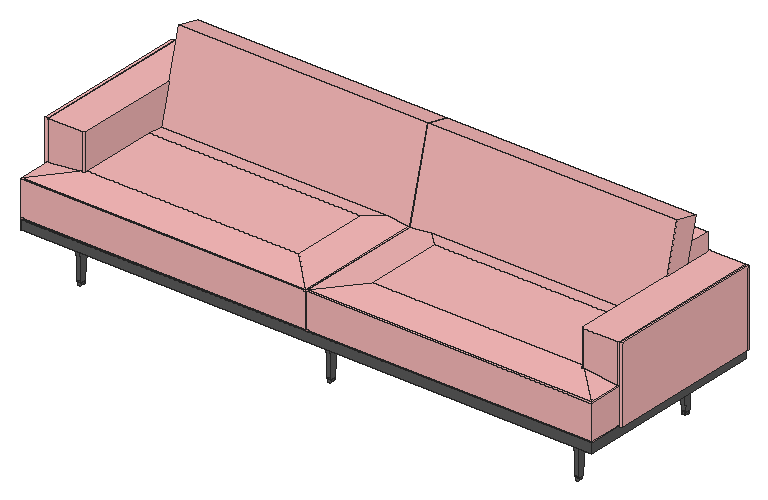
Revit family "Haworth_Lyda_Lounge_Sofa_TwoArm", category Furniture, Revit 2018
Family settings
  OmniClass Number = 23.40.70.14.64.21
  OmniClass Title = Systems Furniture
  Work Plane-Based = No
  Always vertical = Yes
  Cut with Voids When Loaded = No
  Shared = No
  Room Calculation Point = No
Parameters (values of type "Three Seat Sofa")
  Warranty = "http://www.haworth.com/resources/product-info/warranties"
  Upholstery Finish [instance] = Haworth _ Fabric _ Atlas _ 501 LW-G
  URL - Product = "https://www.haworth.com/na/en/products/lounge-sofas/ottomans/lydalounge.html"
  URL = "www.haworth.com"
  Two Seats = no
  Three Seats = yes
  Sustainability Info = "https://www.haworth.com/company-info/sustainability"
  Standard Width = "41, 69, 91 in"  # constant formula
  Standard Depth = "32.75 in"  # constant formula
  Size = "Verify Final Dim. w/ Haworth"  # constant formula
  Seat Width = if(Chair, 41", if(Two Seats, 34 1/2", 48 1/2"))  # 48 1/2"
  Seat Height = 17"  # constant formula
  Seat Depth = 25 3/4"  # constant formula
  Right Drawer = yes
  Revision Number = "1"  # constant formula
  Model = "HCCL-LYL3-BN"
  Middle Seat = not(or(Chair, Two Seats))  # yes
  Manufacturer = "Haworth"  # constant formula
  Leg Width = 5 119/128"  # constant formula
  Leg Offset = 4 1/2"  # constant formula
  Leg Finish = Haworth _ Paint _ Black
  Left Drawer = yes
  Drawer Finish [instance] = Haworth _ Fabric _ Atlas _ 501 LW-G
  Description = "Haworth - Lyda - Lounge - Sofa - Three Seats - w/Two Arms"
  Left Seat = not(Chair)  # yes
  Chair = not(or(Two Seats, Three Seats))  # no
  Base Finish [instance] = Haworth _ Paint _ Black
  Back Upholstery Width = Seat Width - 6 1/4"  # 42 1/4"
  Author = "Haworth (Abd Rahman)"  # constant formula
  Assembly Code = "E2020200"
  Arm Width = 6 1/4"  # constant formula
  Arm Height = 12 49/64"  # constant formula
  Arm Finish [instance] = Haworth _ Fabric _ Atlas _ 501 LW-G
  Arm Depth = 27"  # constant formula
  Actual Width = if(Chair, 41", if(Two Seats, 69", 97"))  # 97"
  Actual Height = 30 1/4"  # constant formula
  Actual Depth = 32 3/4"  # constant formula
Types (3): name | Two Seats | Three Seats | Seat Width | Model | Middle Seat | Description | Left Seat | Chair | Back Upholstery Width | Actual Width
  Two Seat Sofa | yes | no | 34 1/2" | "HCCL-LYL2-BN" | no | "Haworth - Lyda - Lounge - Sofa - Two Seats - w/Two Arms" | yes | no | 28 1/4" | 69"
  One Seat Sofa | no | no | 41" | "HCCL-LYL1-BN" | no | "Haworth - Lyda - Lounge - Chair - One Seat - w/Two Arms" | no | yes | 34 3/4" | 41"
  Three Seat Sofa | no | yes | 48 1/2" | "HCCL-LYL3-BN" | yes | "Haworth - Lyda - Lounge - Sofa - Three Seats - w/Two Arms" | yes | no | 42 1/4" | 97"
Reference planes (in)
  plane 1: z = 0
  plane 2 "Center L/R": x = -9.30056
  plane 3 "Center F/B": y = -11.5
  plane 4 "Back": y = 4.875
  plane 5 "Front": y = -27.875
  plane 6 "Right": x = 39.19944
  plane 7 "Left": x = -57.80056
  plane 8: z = 17
  plane 9: z = 8.24731
  plane 10: z = 9.90088
  plane 11: z = 7.9995
  plane 12: z = 30.25
  plane 13: x = -9.30056
  plane 14: x = 39.19944
  plane 15: x = 32.94944
  plane 16: x = -51.55056
  plane 17: y = 0.375
  plane 18: y = -23.375
Forms (in)
  Extrusion 1, solid, material "Haworth _ Paint _ Black" <- "Base Finish"
    sketch origin (0, 0, 0) x (1, 0, 0) y (0, 1, 0)
      loop
        arc (-57.5427, 4.875) -> (-57.72503, 4.79948) -> (-57.80056, 4.61715) r 0.25785
        line (-57.80056, 4.61715) -> (-57.80056, -27.625)
        arc (-57.80056, -27.625) -> (-57.72733, -27.80178) -> (-57.55056, -27.875) r 0.25
        line (-57.55056, -27.875) -> (39.19944, -27.875) -> (39.19944, 4.875) -> (-57.5427, 4.875)
    from 8.24731 to 9.90088
Lines and regions (in)
  Masking region 1
    outline origin (0, 0, 0) x (1, 0, 0) y (0, 1, 0)
      loop
        line (38.94944, 4.875) -> (-57.5427, 4.875)
        arc (-57.5427, 4.875) -> (-57.72503, 4.79948) -> (-57.80056, 4.61715) r 0.25785
        line (-57.80056, 4.61715) -> (-57.80056, -27.625)
        arc (-57.80056, -27.625) -> (-57.72733, -27.80178) -> (-57.55056, -27.875) r 0.25
        line (-57.55056, -27.875) -> (38.94944, -27.875)
        arc (38.94944, -27.875) -> (39.12622, -27.80178) -> (39.19944, -27.625) r 0.25
        line (39.19944, -27.625) -> (39.19944, 4.625)
        arc (39.19944, 4.625) -> (39.12622, 4.80178) -> (38.94944, 4.875) r 0.25
  symbolic lines, style "Haworth"
    curve 1: line (32.94944, 4.875, 0) -> (32.94944, -22.125, 0)
    curve 2: line (39.19944, -22.125, 0) -> (32.94944, -22.125, 0)
    curve 3: line (-51.55056, 4.875, 0) -> (-51.55056, -22.125, 0)
    curve 4: line (-57.80056, -22.125, 0) -> (-51.55056, -22.125, 0)
Dimensions and locks (in)
  "Actual Width": plane 7 "Left" to plane 6 "Right"
  equal spacing: plane 4 "Back", plane 3 "Center F/B", plane 5 "Front"
  "Actual Depth": plane 4 "Back" to plane 5 "Front"
  "Seat Height": plane 8 to level
  "Actual Height": plane 12 to level
  "Arm Width": plane 15 to plane 6 "Right"
  "Seat Width": plane 13 to plane 14
  "Seat Width": plane 7 "Left" to plane 13
  "Arm Width": plane 7 "Left" to plane 16
  "Leg Offset": plane 18 to plane 5 "Front"
  "Leg Offset": plane 4 "Back" to plane 17
  aligned and locked: Extrusion 1 to plane 10
  aligned and locked: Extrusion 1 to plane 9
  aligned and locked: Extrusion 1 sketch curve to plane 6 "Right"
  aligned and locked: Extrusion 1 sketch curve to plane 5 "Front"
  aligned and locked: Extrusion 1 sketch curve to plane 7 "Left"
  aligned and locked: Extrusion 1 sketch curve to plane 4 "Back"
  aligned and locked: plane 5 "Front" to nested 1
  aligned and locked: plane 5 "Front" to nested 4
  aligned and locked: plane 4 "Back" to nested 3
  aligned and locked: plane 4 "Back" to nested 2
  aligned and locked: plane 4 "Back" to nested 5
  aligned and locked: plane 10 to nested 5
  aligned and locked: plane 10 to nested 2
  aligned and locked: plane 10 to nested 3
  aligned and locked: plane 6 "Right" to nested 5
  aligned and locked: plane 6 "Right" to nested 1
  aligned and locked: nested 2 to plane 15
  aligned and locked: nested 3 to plane 13
  aligned and locked: plane 15 to nested 7
  aligned and locked: nested 9 to plane 15
  aligned and locked: plane 16 to nested 6
  aligned and locked: nested 8 to plane 16
  aligned and locked: nested 10 to plane 2 "Center L/R"
  aligned and locked: plane 2 "Center L/R" to nested 11
  aligned and locked: curve 1 to nested 5
  aligned and locked: curve 2 to nested 5
  aligned and locked: plane 15 to curve 2
  aligned and locked: plane 6 "Right" to curve 2
  aligned and locked: plane 4 "Back" to curve 1
  aligned and locked: nested 5 to curve 1
  aligned and locked: nested 12 to plane 16
  aligned and locked: nested 12 to plane 4 "Back"
  aligned and locked: nested 4 to plane 13
  aligned and locked: plane 5 "Front" to nested 13
  aligned and locked: nested 13 to plane 13
  aligned and locked: nested 14 to plane 16
  aligned and locked: plane 4 "Back" to nested 14
  aligned and locked: plane 4 "Back" to curve 3
  aligned and locked: nested 12 to curve 3
  aligned and locked: curve 3 to nested 12
  aligned and locked: plane 7 "Left" to curve 4
  aligned and locked: plane 16 to curve 4
  aligned and locked: curve 4 to nested 12
  aligned and locked: plane 4 "Back" to nested 15
  aligned and locked: plane 4 "Back" to nested 16
  aligned and locked: nested 15 to nested 5
  aligned and locked: nested 16 to nested 12
  aligned and locked: plane 10 to nested 14
  aligned and locked: plane 10 to nested 16
  aligned and locked: nested 12 to plane 10
  aligned and locked: plane 10 to nested 1
  aligned and locked: nested 4 to plane 10
  aligned and locked: plane 10 to nested 13
  aligned and locked: plane 4 "Back" to Masking region 1
  aligned and locked: Masking region 1 to plane 5 "Front"
  aligned and locked: Masking region 1 to plane 7 "Left"
  aligned and locked: plane 6 "Right" to Masking region 1
  aligned and locked: plane 18 to nested 7
  aligned and locked: plane 17 to nested 9
  aligned and locked: nested 8 to plane 17
  aligned and locked: nested 6 to plane 18
Automatic sketch dimensions
  Masking region 1 sketch curve to plane 7 "Left" = 0"
  Masking region 1 sketch curve to plane 5 "Front" = 0"
  plane 4 "Back" to Masking region 1 sketch curve = 0"
  Masking region 1 sketch curve to plane 6 "Right" = 0"
  Masking region 1 sketch curve to Masking region 1 sketch curve = 1/4"  (x2)
  plane 7 "Left" to Masking region 1 sketch curve = 0.25785"
  Masking region 1 sketch curve to plane 4 "Back" = 1/4"
  plane 7 "Left" to Extrusion 1 sketch curve = 1/4"
  Extrusion 1 sketch curve to plane 4 "Back" = 0.25785"
Nested families (in)
  nested 1: "Haworth_Lyda_Cushion_Rectangle_Sofa_PART" at (21.125, -0.10151, 0), Cushion Finish <- "Upholstery Finish", type "Cushion - Rectangle - Sofa - PART"
    with Cushion Finish Haworth _ Fabric _ Atlas _ 501 LW-G
  nested 2: "Haworth_Lyda_BackUpholstery_PART" at (18, 0, 0), visible <- "Left Seat", Back Upholstery Finish <- "Upholstery Finish", type "Back Upholstery - Right - PART"
    with Back Upholstery Finish Haworth _ Fabric _ Atlas _ 501 LW-G, Actual Width 42 1/4"
  nested 3: "Haworth_Lyda_BackUpholstery_PART" at (-24.25, 0, 0), visible <- "Left Seat", Back Upholstery Finish <- "Upholstery Finish", type "Back Upholstery - Right - PART"
    with Back Upholstery Finish Haworth _ Fabric _ Atlas _ 501 LW-G, Actual Width 42 1/4"
  nested 4: "Haworth_Lyda_Cushion_Rectangle_Sofa_PART" at (-39.72611, -0.10151, 0) x (-1, 0, 0) z (0, 0, 1), visible <- "Left Seat", Cushion Finish <- "Upholstery Finish", type "Cushion - Rectangle - Sofa - PART"
  nested 5: "Haworth_Lyda_Arm_PART" at (42.25, -8.02148, 0), Arm Finish <- "Arm Finish", type "Arm - PART"
    with Arm Finish Haworth _ Fabric _ Atlas _ 501 LW-G, Actual Depth 27"
  nested 6: "Haworth_Lyda_Leg_PART" at (-45.42042, -7.50667, 0), Support Finish <- "Leg Finish", type "Leg - PART"
    with Support Finish Haworth _ Paint _ Black
  nested 7: "Haworth_Lyda_Leg_PART" at (26.81931, -7.50667, 0) x (-1, 0, 0) z (0, 0, 1), Support Finish <- "Leg Finish", type "Leg - PART"
    with Support Finish Haworth _ Paint _ Black
  nested 8: "Haworth_Lyda_Leg_PART" at (-45.42042, -15.49333, 0), Support Finish <- "Leg Finish", type "Leg - PART"
    with Support Finish Haworth _ Paint _ Black
  nested 9: "Haworth_Lyda_Leg_PART" at (26.81931, -15.49333, 0) x (-1, 0, 0) z (0, 0, 1), Support Finish <- "Leg Finish", type "Leg - PART"
    with Support Finish Haworth _ Paint _ Black
  nested 10: "Haworth_Lyda_Leg_PART" at (-3.17042, -7.28732, 0), visible <- "Three Seats", Support Finish <- "Leg Finish", type "Leg - PART"
    with Support Finish Haworth _ Paint _ Black
  nested 11: "Haworth_Lyda_Leg_PART" at (-3.17042, -15.71268, 0), visible <- "Three Seats", Support Finish <- "Leg Finish", type "Leg - PART"
    with Support Finish Haworth _ Paint _ Black
  nested 12: "Haworth_Lyda_Arm_PART" at (-60.85111, -8.02148, 0) x (-1, 0, 0) z (0, 0, 1), Arm Finish <- "Arm Finish", type "Arm - PART"
    with Arm Finish Haworth _ Fabric _ Atlas _ 501 LW-G, Actual Depth 27"
  nested 13: "Haworth_Lyda_Cushion_Rectangle_Sofa_Lounge_PART" at (-27.375, -0.10151, 0), visible <- "Chair", Cushion Finish <- "Upholstery Finish", type "Cushion - Rectangle - Sofa - PART"
    with Cushion Finish Haworth _ Fabric _ Atlas _ 501 LW-G, Actual Width 48 1/2"
  nested 14: "Haworth_Lyda_BackUpholstery_PART" at (-31.125, 0, 0), visible <- "Chair", Back Upholstery Finish <- "Upholstery Finish", type "Back Upholstery - Middle - PART"
    with Back Upholstery Finish Haworth _ Fabric _ Atlas _ 501 LW-G, Actual Width 28 1/2"
  nested 15: "Haworth_Lyda_Drawer_PART" at (45.62109, -8.02148, 0), Drawer Finish <- "Drawer Finish", visible <- "Right Drawer", type "Drawer - PART"
    with Drawer Finish Haworth _ Fabric _ Atlas _ 501 LW-G, Actual Depth 27"
  nested 16: "Haworth_Lyda_Drawer_PART" at (-51.87109, -8.02148, 0), Drawer Finish <- "Drawer Finish", visible <- "Left Drawer", type "Drawer - PART"
    with Drawer Finish Haworth _ Fabric _ Atlas _ 501 LW-G, Actual Depth 27"
Definition of nested family "Haworth_Lyda_Cushion_Rectangle_Sofa_PART"
  Parameters (values of type "Cushion - Rectangle - Sofa - PART")
    Warranty = "http://www.haworth.com/resources/product-info/warranties"
    URL - Product = "https://www.haworth.com/na/en/products/lounge-sofas/ottomans/lydalounge.html"
    URL = "www.haworth.com"
    Sustainability Info = "https://www.haworth.com/company-info/sustainability"
    Size = "Verify Final Dim. w/ Haworth"  # constant formula
    Seat Height = 17"  # constant formula
    Revision Number = "1"  # constant formula
    Model = "Haworth - Lyda"  # constant formula
    Manufacturer = "Haworth"  # constant formula
    Description = "Haworth - Lyda - Cushion - Rectangle - Sofa - PART"  # constant formula
    Cushion Finish [instance] = none
    Author = "Haworth (Abd Rahman)"  # constant formula
    Assembly Code = "E2020200"
    Actual Width = 48 1/2"
    Actual Height = 30 1/4"  # constant formula
    Actual Depth = 25 3/4"
  Reference planes (in)
    plane 1: z = 0
    plane 2 "Center L/R": x = -6.17556
    plane 3 "Front": y = -27.77349
    plane 4 "Right": x = 18.07444
    plane 5 "Left": x = -30.42556
    plane 6: z = 17
    plane 7: z = 8.24731
    plane 8: z = 9.90088
    plane 9: z = 7.9995
    plane 10: z = 30.25
    plane 11: x = -20.42556
    plane 12: x = 8.07444
    plane 13 "Back": y = -2.02349
    plane 14 "Center (Front/Back)": y = -14.89849
    plane 15: y = -12.02534
    plane 16: y = -17.77349
    plane 17: y = -22.02349
    plane 18: y = 0.77339
    plane 19: x = 11.82444
    plane 20: x = 24.62055
  Forms (in)
    Extrusion 1, solid, material <- "Cushion Finish"
      sketch origin (0, 0, 0) x (1, 0, 0) y (0, 1, 0)
        loop
          line (-20.42556, -12.02534) -> (-20.42556, -17.77349) -> (8.07444, -17.77349) -> (8.07444, -12.02534) -> (-20.42556, -12.02534)
      from 9.90088 to 16.68463
    Sweep 2, solid, material <- "Cushion Finish"
      path in 3D
        loop
          line (8.07444, -12.02534, 16.68463) -> (-20.42556, -12.02534, 16.68463) -> (-20.42556, -17.77349, 16.68463) -> (8.07444, -17.77349, 16.68463) -> (8.07444, -12.02534, 16.68463)
      profile origin (8.07444, -14.89941, 16.68463) x (-1, 0, 0) y (0, 0, 1)
        loop
          line (0, 0) -> (-3.70108, 0)
          arc (-3.70108, 0) -> (-6.80163, -0.15611) -> (-9.87082, -0.62287) r 30.86799
          arc (-9.87082, -0.62287) -> (-9.9636, -0.67895) -> (-10, -0.78107) r 0.16145
          line (-10, -0.78107) -> (-10, -6.65029)
          arc (-10, -6.65029) -> (-9.96149, -6.74327) -> (-9.8685, -6.78179) r 0.1315
          line (-9.8685, -6.78179) -> (0, -6.78179) -> (0, 0)
    Extrusion 3, void
      sketch origin (0, 0, 0) x (1, 0, 0) y (0, 1, 0)
        loop
          line (11.82444, 0.77339) -> (11.82444, -22.02349) -> (24.62055, -22.02349) -> (24.62055, 0.77339) -> (11.82444, 0.77339)
      from 0 to 28
  Cuts and joins
    Extrusion 3 cuts Extrusion 1
    Extrusion 3 cuts Sweep 2
    joined: Extrusion 1, Sweep 2
  Lines and regions (in)
    Masking region 1
      outline origin (0, 0, 0) x (1, 0, 0) y (0, 1, 0)
        loop
          line (-30.42736, -2.02359) -> (-30.42736, -27.77524) -> (18.07444, -27.77524) -> (18.07444, -22.02349) -> (11.82444, -22.02349) -> (11.82444, -2.02359) -> (-30.42736, -2.02359)
    sketch lines
      curve 1: line (8.07444, -17.77349, 16.68463) -> (8.07444, -12.02534, 16.68463)
      curve 2: line (8.07444, -12.02534, 16.68463) -> (-20.42556, -12.02534, 16.68463)
      curve 3: line (-20.42556, -12.02534, 16.68463) -> (-20.42556, -17.77349, 16.68463)
      curve 4: line (-20.42556, -17.77349, 16.68463) -> (8.07444, -17.77349, 16.68463)
  Dimensions and locks (in)
    equal spacing: plane 5 "Left", plane 2 "Center L/R", plane 4 "Right"
    "Actual Width": plane 5 "Left" to plane 4 "Right"
    "Seat Height": plane 6 to level
    "Actual Height": plane 10 to level
    locked: plane 12 to plane 4 "Right" at 10
    locked: plane 5 "Left" to plane 11 at 10
    equal spacing: plane 3 "Front", plane 14 "Center (Front/Back)", plane 13 "Back"
    "Actual Depth": plane 3 "Front" to plane 13 "Back"
    locked: plane 3 "Front" to plane 16 at 10
    locked: plane 15 to plane 13 "Back" at 10.00185
    plane 19 to plane 4 "Right" to plane 20 = 6 1/4" locked, 6.54611" locked
    plane 18 to plane 13 "Back" = 2 51/64"
    plane 17 to plane 3 "Front" = 5 3/4"
    aligned and locked: plane 12 to Extrusion 1 sketch curve
    aligned and locked: Extrusion 1 sketch curve to plane 11
    aligned and locked: plane 8 to Extrusion 1
    aligned and locked: Sweep 2 sketch curve to plane 4 "Right"
    aligned and locked: Extrusion 1 sketch curve to plane 16
    aligned and locked: plane 15 to Extrusion 1 sketch curve
    aligned and locked: Extrusion 3 sketch curve to plane 18
    aligned and locked: Extrusion 3 sketch curve to plane 17
    aligned and locked: Extrusion 3 sketch curve to plane 20
    aligned and locked: Masking region 1 sketch curve to cut or joined group of Extrusion 1, Sweep 2, Extrusion 3  (x2)
    aligned and locked: Masking region 1 sketch curve to plane 4 "Right"
  Automatic sketch dimensions
    Sweep 2 sketch curve to profile plane = 0"  (x2)
    profile plane to Sweep 2 sketch curve = 3.70108"
    Sweep 2 sketch curve to profile plane = 0.78107"
    Sweep 2 sketch curve to Sweep 2 sketch curve = 0.02996"
    Sweep 2 sketch curve to Sweep 2 sketch curve = 0.16145"
    Sweep 2 sketch curve to Sweep 2 sketch curve = 5.86922"
    Sweep 2 sketch curve to Sweep 2 sketch curve = 24.0862"
    Extrusion 3 sketch curve to plane 19 = 0"
    plane 13 "Back" to Masking region 1 sketch curve = 0.0001"
    Masking region 1 sketch curve to plane 5 "Left" = 0.0018"
    Masking region 1 sketch curve to plane 3 "Front" = 0.00175"
Definition of nested family "Haworth_Lyda_BackUpholstery_PART"
  Parameters (values of type "Back Upholstery - PART")
    Warranty = "http://www.haworth.com/resources/product-info/warranties"
    URL - Product = ""
    URL = "www.haworth.com"
    Sustainability Info = "https://www.haworth.com/company-info/sustainability"
    Size = "Verify Final Dim. w/ Haworth"  # constant formula
    Seat Height = 17"  # constant formula
    Revision Number = "1"  # constant formula
    Model = "Haworth - Lyda"  # constant formula
    Manufacturer = "Haworth"  # constant formula
    Description = "Haworth - Lyda - Back Upholstery - PART"  # constant formula
    Back Upholstery Finish [instance] = none
    Author = "Haworth (Abd Rahman)"  # constant formula
    Assembly Code = "E2020200"
    Actual Width = 42 1/2"
    Actual Height = 30 1/4"  # constant formula
    Actual Depth = 10 245/256"  # constant formula
  Reference planes (in)
    plane 1: z = 0
    plane 2 "Center L/R": x = -6.17556
    plane 3 "Back": y = 4.875
    plane 4 "Right": x = 15.07444
    plane 5 "Left": x = -27.42556
    plane 6: z = 17
    plane 7: z = 8.24731
    plane 8: z = 9.90088
    plane 9: z = 7.9995
    plane 10: z = 30.25
    plane 11 "Front": y = -6.08203
    plane 12 "Center (Front/Back)": y = -0.60352
  Forms (in)
    Sweep 1, solid, material <- "Back Upholstery Finish"
      path origin (-32.25, 0, 0) x (1, 0, 0) y (0, 1, 0)
        loop
          line (47.32444, 0.99703) -> (4.82444, 0.99703)
      profile origin (-6.17556, 0.99703, 0) x (0, -1, 0) y (0, 0, 1)
        loop
          line (-3.64093, 9.90088) -> (3.12279, 9.90088) -> (3.12203, 15.32659) -> (2.73707, 15.32659) -> (0, 25.59256) -> (-3.59839, 25.59675)
          arc (-3.59839, 25.59675) -> (-3.88208, 17.74953) -> (-3.64093, 9.90088) r 117.48518
    Sweep 2, solid, material <- "Back Upholstery Finish"
      path origin (-32.25, 0, 0) x (1, 0, 0) y (0, 1, 0)
        loop
          line (47.32444, -2.12173) -> (4.82444, -2.12173)
      profile origin (-6.17556, -2.12173, 0) x (0, -1, 0) y (0, 0, 1)
        loop
          arc (3.96036, 15.32659) -> (2.17689, 22.84002) -> (0.00327, 30.25) r 147.73615
          arc (0.00327, 30.25) -> (-2.06438, 29.82589) -> (-4.08326, 29.21012) r 22.52629
          line (-4.08326, 29.21012) -> (-0.38169, 15.32659) -> (3.96036, 15.32659)
  Lines and regions (in)
    Masking region 1
      outline origin (0, 0, 0) x (1, 0, 0) y (0, 1, 0)
        loop
          line (14.82444, 4.875) -> (-27.1677, 4.875)
          arc (-27.1677, 4.875) -> (-27.35003, 4.79948) -> (-27.42556, 4.61715) r 0.25785
          line (-27.42556, 4.61715) -> (-27.42556, -5.83209)
          arc (-27.42556, -5.83209) -> (-27.35233, -6.00887) -> (-27.17556, -6.08209) r 0.25
          line (-27.17556, -6.08209) -> (14.82444, -6.08209)
          arc (14.82444, -6.08209) -> (15.00122, -6.00887) -> (15.07444, -5.83209) r 0.25
          line (15.07444, -5.83209) -> (15.07444, 4.625)
          arc (15.07444, 4.625) -> (15.00122, 4.80178) -> (14.82444, 4.875) r 0.25
    symbolic lines
      curve 1: line (-27.42556, 1.96156, 0) -> (15.07444, 1.96156, 0)
      curve 2: line (15.07444, 1.96156, 0) -> (15.07444, -2.12574, 0)
      curve 3: line (15.07444, -2.12574, 0) -> (-27.42556, -2.12574, 0)
      curve 4: line (-27.42556, 0.99706, 0) -> (15.07444, 0.99706, 0)
      curve 5: line (15.07444, -1.74001, 0) -> (-27.42556, -1.74001, 0)
  Dimensions and locks (in)
    equal spacing: plane 5 "Left", plane 2 "Center L/R", plane 4 "Right"
    "Actual Width": plane 5 "Left" to plane 4 "Right"
    "Seat Height": plane 6 to level
    "Actual Height": plane 10 to level
    equal spacing: plane 3 "Back", plane 12 "Center (Front/Back)", plane 11 "Front"
    "Actual Depth": plane 3 "Back" to plane 11 "Front"
    aligned and locked: plane 4 "Right" to Sweep 2 sketch curve
    aligned and locked: plane 4 "Right" to Sweep 1 sketch curve
    aligned and locked: Sweep 2 to Masking region 1 sketch curve
  Automatic sketch dimensions
    Masking region 1 sketch curve to plane 5 "Left" = 0"
    Masking region 1 sketch curve to plane 3 "Back" = 0"
    Masking region 1 sketch curve to plane 4 "Right" = 0"
    Masking region 1 sketch curve to Masking region 1 sketch curve = 1/4"  (x2)
    plane 5 "Left" to Masking region 1 sketch curve = 0.25785"
    Masking region 1 sketch curve to plane 3 "Back" = 1/4"
    Sweep 1 sketch curve to plane 5 "Left" = 0"
    Sweep 1 sketch curve to profile plane = 0"
    profile plane to Sweep 1 sketch curve = 3.59839"
    profile plane to Sweep 1 sketch curve = 3.64093"
    Sweep 1 sketch curve to profile plane = 2.73707"
    Sweep 1 sketch curve to Sweep 1 sketch curve = 0.38496"
    Sweep 1 sketch curve to profile plane = 3.12279"
    level to Sweep 1 sketch curve = 17.4311"
    Sweep 1 sketch curve to Sweep 1 sketch curve = 110.48064"
    level to Sweep 1 sketch curve = 15.32659"
    Sweep 1 sketch curve to Sweep 1 sketch curve = 5.42571"
    Sweep 1 sketch curve to Sweep 1 sketch curve = 0.00419"
    Sweep 2 sketch curve to plane 5 "Left" = 0"
    Sweep 2 sketch curve to level = 15.02513"
    profile plane to Sweep 2 sketch curve = 140.62437"
    profile plane to Sweep 2 sketch curve = 4.08326"
    profile plane to Sweep 2 sketch curve = 0.38169"
    Sweep 2 sketch curve to profile plane = 3.49076"
    Sweep 2 sketch curve to profile plane = 3.96036"
    level to Sweep 2 sketch curve = 7.99531"
    Sweep 2 sketch curve to Sweep 2 sketch curve = 7.33128"
    Sweep 2 sketch curve to Sweep 2 sketch curve = 13.88353"
    Sweep 1 sketch curve to plane 3 "Back" = 3.87797"
    Sweep 2 sketch curve to plane 3 "Back" = 6.99673"
    curve 1 to plane 5 "Left" = 0"
    curve 5 to plane 5 "Left" = 0"
    curve 2 to plane 4 "Right" = 0"
    curve 3 to plane 12 "Center (Front/Back)" = 1.52222"
    curve 4 to curve 1 = 0.9645"
    curve 3 to curve 5 = 0.38572"
    curve 4 to plane 5 "Left" = 0"
    curve 3 to plane 5 "Left" = 0"
    plane 12 "Center (Front/Back)" to curve 4 = 1.60057"
Definition of nested family "Haworth_Lyda_Arm_PART"
  Parameters (values of type "Arm - PART")
    Warranty = "http://www.haworth.com/resources/product-info/warranties"
    URL - Product = ""
    URL = "www.haworth.com"
    Sustainability Info = "https://www.haworth.com/company-info/sustainability"
    Size = "Verify Final Dim. w/ Haworth"  # constant formula
    Seat Height = 17"  # constant formula
    Revision Number = "1"  # constant formula
    Model = "Haworth - Lyda"  # constant formula
    Manufacturer = "Haworth"  # constant formula
    Description = "Haworth - Lyda - Arm - PART"  # constant formula
    Author = "Haworth (Abd Rahman)"  # constant formula
    Assembly Code = "E2020200"
    Arm Finish [instance] = none
    Actual Width = 6 1/4"
    Actual Height = 12 49/64"
    Actual Depth = 28"
  Reference planes (in)
    plane 1: z = 0
    plane 2 "Center L/R": x = -6.17556
    plane 3 "Back": y = 13.39648
    plane 4 "Right": x = -3.05056
    plane 5 "Left": x = -9.30056
    plane 6: z = 17
    plane 7: z = 8.24731
    plane 8: z = 9.90088
    plane 9: z = 7.9995
    plane 10: z = 12.76562
    plane 11 "Front": y = -14.60352
    plane 12 "Center (Front/Back)": y = -0.60352
    plane 13: z = 22.6665
  Forms (in)
    Extrusion 1, solid, material <- "Arm Finish"
      sketch origin (0, 0, 0) x (1, 0, 0) y (0, 1, 0)
        loop
          arc (-9.05056, 13.39648) -> (-9.22733, 13.32326) -> (-9.30056, 13.14648) r 0.25
          line (-9.30056, 13.14648) -> (-9.30056, -14.35352)
          arc (-9.30056, -14.35352) -> (-9.22733, -14.53029) -> (-9.05056, -14.60352) r 0.25
          line (-9.05056, -14.60352) -> (-3.30056, -14.60352)
          arc (-3.30056, -14.60352) -> (-3.12378, -14.53029) -> (-3.05056, -14.35352) r 0.25
          line (-3.05056, -14.35352) -> (-3.05056, 13.14648)
          arc (-3.05056, 13.14648) -> (-3.12378, 13.32326) -> (-3.30056, 13.39648) r 0.25
          line (-3.30056, 13.39648) -> (-9.05056, 13.39648)
      from 9.90088 to 22.6665
  Lines and regions (in)
    Masking region 1
      outline origin (0, 0, 0) x (1, 0, 0) y (0, 1, 0)
        loop
          line (-9.30056, 13.14648) -> (-9.30056, -14.35352)
          arc (-9.30056, -14.35352) -> (-9.22733, -14.53029) -> (-9.05056, -14.60352) r 0.25
          line (-9.05056, -14.60352) -> (-3.30056, -14.60352)
          arc (-3.30056, -14.60352) -> (-3.12378, -14.53029) -> (-3.05056, -14.35352) r 0.25
          line (-3.05056, -14.35352) -> (-3.05056, 13.14648)
          arc (-3.05056, 13.14648) -> (-3.12378, 13.32326) -> (-3.30056, 13.39648) r 0.25
          line (-3.30056, 13.39648) -> (-9.05056, 13.39648)
          arc (-9.05056, 13.39648) -> (-9.22733, 13.32326) -> (-9.30056, 13.14648) r 0.25
  Dimensions and locks (in)
    equal spacing: plane 5 "Left", plane 2 "Center L/R", plane 4 "Right"
    "Actual Width": plane 5 "Left" to plane 4 "Right"
    "Seat Height": plane 6 to level
    "Actual Height": plane 10 to level
    equal spacing: plane 3 "Back", plane 12 "Center (Front/Back)", plane 11 "Front"
    "Actual Depth": plane 3 "Back" to plane 11 "Front"
    "Actual Height": plane 8 to plane 13
    aligned and locked: Extrusion 1 sketch curve to plane 4 "Right"
    aligned and locked: plane 11 "Front" to Extrusion 1 sketch curve
    aligned and locked: plane 5 "Left" to Extrusion 1 sketch curve
    aligned and locked: Extrusion 1 sketch curve to plane 3 "Back"
    aligned and locked: Extrusion 1 to plane 13
    aligned and locked: plane 8 to Extrusion 1
    aligned and locked: Masking region 1 sketch curve to plane 11 "Front"
    aligned and locked: plane 4 "Right" to Masking region 1 sketch curve
    aligned and locked: Masking region 1 sketch curve to plane 5 "Left"
    aligned and locked: plane 3 "Back" to Masking region 1 sketch curve
  Automatic sketch dimensions
    Extrusion 1 sketch curve to plane 3 "Back" = 1/4"  (x2)
    Extrusion 1 sketch curve to Extrusion 1 sketch curve = 1/4"
    Extrusion 1 sketch curve to plane 4 "Right" = 1/4"
    Masking region 1 sketch curve to plane 3 "Back" = 1/4"  (x2)
    Masking region 1 sketch curve to plane 4 "Right" = 1/4"
    plane 11 "Front" to Masking region 1 sketch curve = 1/4"
Definition of nested family "Haworth_Lyda_Leg_PART"
  Parameters (values of type "Leg - PART")
    Warranty = "http://www.haworth.com/resources/product-info/warranties"
    URL - Product = "https://www.haworth.com/na/en/products/lounge-sofas/ottomans/lydalounge.html"
    URL = "www.haworth.com"
    Sustainability Info = "https://www.haworth.com/company-info/sustainability"
    Support Finish [instance] = none
    Size = "Verify Final Dim. w/ Haworth"  # constant formula
    Revision Number = "1"  # constant formula
    Model = "Haworth Lyda"  # constant formula
    Manufacturer = "Haworth"  # constant formula
    Description = "Haworth - Lyda - Leg PART"  # constant formula
    Author = "Haworth (Abd Rahman)"  # constant formula
    Assembly Code = "E2020200"
    Actual Width = 3 1/4"  # constant formula
    Actual Height = 8 63/256"  # constant formula
    Actual Depth = 7 241/256"  # constant formula
  Reference planes (in)
    plane 1: z = 0
    plane 2: z = 8.24609
    plane 3: z = 7.9995
    plane 4 "Center (Front/Back)": y = -11.89763
    plane 5 "Right": x = -4.50514
    plane 6 "Left": x = -7.75514
    plane 7 "Center (Left/Right)": x = -6.13014
    plane 8 "Front": y = -15.86833
    plane 9 "Back": y = -7.92693
  Forms (in)
    Blend 1, solid, material <- "Support Finish"
      base sketch origin (-15.7151, 7.34424, 0) x (1, 0, 0) y (0, 1, 0)
        loop
          arc (10.9737, -15.75611) -> (10.90047, -15.57933) -> (10.7237, -15.50611) r 0.25
          line (10.7237, -15.50611) -> (8.44615, -15.50611)
          arc (8.44615, -15.50611) -> (8.26938, -15.57933) -> (8.19615, -15.75611) r 0.25
          line (8.19615, -15.75611) -> (8.19615, -22.72652)
          arc (8.19615, -22.72652) -> (8.28096, -22.91416) -> (8.47783, -22.97451) r 0.25
          line (8.47783, -22.97451) -> (9.08232, -22.89729)
          arc (9.08232, -22.89729) -> (9.58492, -23.2126) -> (10.08752, -22.89729) r 0.55823
          line (10.08752, -22.89729) -> (10.69202, -22.97451)
          arc (10.69202, -22.97451) -> (10.88889, -22.91416) -> (10.9737, -22.72652) r 0.25
          line (10.9737, -22.72652) -> (10.9737, -15.75611)
      top sketch origin (-15.7151, 7.34424, 0) x (1, 0, 0) y (0, 1, 0)
        loop
          arc (7.95996, -22.71316) -> (8.10642, -23.06673) -> (8.45999, -23.21316) r 0.5
          line (8.45999, -23.21316) -> (10.70997, -23.21304)
          arc (10.70997, -23.21304) -> (11.06351, -23.06658) -> (11.20994, -22.71304) r 0.5
          line (11.20994, -22.71304) -> (11.20994, -15.76992)
          arc (11.20994, -15.76992) -> (11.0635, -15.41636) -> (10.70994, -15.26992) r 0.5
          line (10.70994, -15.26992) -> (8.45996, -15.26992)
          arc (8.45996, -15.26992) -> (8.10641, -15.41636) -> (7.95996, -15.76992) r 0.5
          line (7.95996, -15.76992) -> (7.95996, -22.71316)
      from 7.9995 to 8.24731
    Extrusion 2, solid, material <- "Support Finish"
      sketch origin (-0.64065, 7.34424, 0) x (0, 1, 0) y (0, 0, 1)
        loop
          arc (-22.89729, 7.9995) -> (-23.09889, 8.06946) -> (-23.21382, 8.24927) r 0.32546
          line (-23.21382, 8.24927) -> (-23.14652, 0.56683)
          arc (-23.14652, 0.56683) -> (-23.12554, 0.5171) -> (-23.07562, 0.49656) r 0.0709
          line (-23.07562, 0.49656) -> (-22.29789, 0.49656)
          arc (-22.29789, 0.49656) -> (-22.25795, 0.51209) -> (-22.23899, 0.55052) r 0.05913
          arc (-22.23899, 0.55052) -> (-22.04885, 2.57156) -> (-21.83293, 4.59) r 159.07204
          arc (-21.83293, 4.59) -> (-21.73327, 5.12242) -> (-21.55814, 5.63499) r 3.75965
          arc (-21.55814, 5.63499) -> (-21.10365, 6.18486) -> (-20.4224, 6.39658) r 1.25
          line (-20.4224, 6.39658) -> (-17.30777, 6.4338)
          arc (-17.30777, 6.4338) -> (-16.18821, 6.89165) -> (-15.70269, 7.9995) r 1.61124
          line (-15.70269, 7.9995) -> (-22.89729, 7.9995)
      from -5.85929 to -5.16531
    Extrusion 3, solid, material <- "Support Finish"
      sketch origin (-15.7151, 7.34424, 0) x (1, 0, 0) y (0, 1, 0)
        loop
          arc (9.27139, -22.83335) -> (9.58492, -23.14688) -> (9.89846, -22.83335) r 0.31353
          line (9.89846, -22.83335) -> (9.89846, -22.36609)
          arc (9.89846, -22.36609) -> (9.86123, -22.27621) -> (9.77135, -22.23898) r 0.12711
          line (9.77135, -22.23898) -> (9.39989, -22.23898)
          arc (9.39989, -22.23898) -> (9.30903, -22.27662) -> (9.27139, -22.36748) r 0.1285
          line (9.27139, -22.36748) -> (9.27139, -22.83335)
      from 0 to 0.49656
  Cuts and joins
    joined: Blend 1, Extrusion 2, Extrusion 3
  Lines and regions (in)
    symbolic lines
      curve 1: line (-4.50515, -15.3688, 0) -> (-4.50515, -8.42567, 0)
      curve 2: arc (-4.50515, -8.42567, 0) -> (-4.6516, -8.07212, 0) -> (-5.00515, -7.92567, 0) r 0.5
      curve 3: line (-5.00515, -7.92567, 0) -> (-7.25514, -7.92567, 0)
      curve 4: arc (-7.25514, -7.92567, 0) -> (-7.60869, -8.07212, 0) -> (-7.75514, -8.42567, 0) r 0.5
      curve 5: line (-7.75514, -8.42567, 0) -> (-7.75514, -15.36892, 0)
      curve 6: arc (-7.75514, -15.36892, 0) -> (-7.60869, -15.72248, 0) -> (-7.25514, -15.86892, 0) r 0.5
      curve 7: arc (-5.00513, -15.8688, 0) -> (-4.65159, -15.72234, 0) -> (-4.50515, -15.3688, 0) r 0.5
      curve 8: line (-7.25514, -15.86892, 0) -> (-5.00511, -15.86892, 0)
  Dimensions and locks (in)
    equal spacing: plane 6 "Left", plane 7 "Center (Left/Right)", plane 5 "Right"
    "Actual Width": plane 6 "Left" to plane 5 "Right"
    equal spacing: plane 8 "Front", plane 4 "Center (Front/Back)", plane 9 "Back"
    "Actual Depth": plane 8 "Front" to plane 9 "Back"
    "Actual Height": plane 2 to level
  Automatic sketch dimensions
    Blend 1 sketch curve to Blend 1 sketch curve = 1/4"  (x3)
    Blend 1 sketch curve to Blend 1 sketch curve = 0.03168"  (x2)
    Blend 1 sketch curve to Blend 1 sketch curve = 0.60449"  (x2)
    Blend 1 sketch curve to Blend 1 sketch curve = 0.5026"  (x2)
    Blend 1 sketch curve to Blend 1 sketch curve = 2.27754"
    Blend 1 sketch curve to Blend 1 sketch curve = 0"
    Blend 1 sketch curve to Blend 1 sketch curve = 0.07722"
    Blend 1 sketch curve to Blend 1 sketch curve = 0.24292"
    Blend 1 sketch curve to Blend 1 sketch curve = 1/2"  (x3)
    Blend 1 sketch curve to Blend 1 sketch curve = 0.00003"  (x2)
    Blend 1 sketch curve to Blend 1 sketch curve = 2 1/4"  (x2)
    Blend 1 sketch curve to Blend 1 sketch curve = 0.00012"
    plane 3 to Extrusion 2 sketch curve = 0"
    Extrusion 2 sketch curve to plane 2 = 0.00318"
    level to Extrusion 2 sketch curve = 0.56683"
    Extrusion 2 sketch curve to Extrusion 2 sketch curve = 0.0709"
    Extrusion 2 sketch curve to Extrusion 2 sketch curve = 0.31654"
    Extrusion 2 sketch curve to Extrusion 2 sketch curve = 0.77773"
    plane 3 to Extrusion 2 sketch curve = 1.60292"
    Extrusion 2 sketch curve to Extrusion 2 sketch curve = 2.47489"
    Extrusion 2 sketch curve to Extrusion 2 sketch curve = 0.01494"
    Extrusion 2 sketch curve to Extrusion 2 sketch curve = 2.31023"
    Extrusion 2 sketch curve to plane 3 = 0.04553"
    Extrusion 2 sketch curve to Extrusion 2 sketch curve = 3.10911"
    plane 3 to Extrusion 2 sketch curve = 1.5657"
    Extrusion 2 sketch curve to Extrusion 2 sketch curve = 0.00552"
    Extrusion 2 sketch curve to level = 13.33836"
    Extrusion 2 sketch curve to Extrusion 2 sketch curve = 0.07028"
    Extrusion 2 sketch curve to Extrusion 2 sketch curve = 0.05913"
    Extrusion 2 sketch curve to Extrusion 2 sketch curve = 2.26753"
    Extrusion 2 sketch curve to Extrusion 2 sketch curve = 1.24991"
    Extrusion 2 sketch curve to Extrusion 2 sketch curve = 0"  (x2)
    Extrusion 3 sketch curve to Extrusion 3 sketch curve = 0.1285"
    Extrusion 3 sketch curve to Extrusion 3 sketch curve = 0.31353"
    Extrusion 3 sketch curve to Extrusion 3 sketch curve = 0.12711"
    Extrusion 3 sketch curve to Extrusion 3 sketch curve = 0.46587"
    Blend 1 sketch curve to plane 6 "Left" = 0.23619"
    Blend 1 sketch curve to plane 6 "Left" = 0"
    Extrusion 3 sketch curve to plane 6 "Left" = 1.31143"
    Blend 1 sketch curve to plane 4 "Center (Front/Back)" = 3.48576"
    Blend 1 sketch curve to plane 4 "Center (Front/Back)" = 3.47195"
    Extrusion 2 sketch curve to Extrusion 2 sketch curve = 151.92826"
    plane 4 "Center (Front/Back)" to Blend 1 sketch curve = 3.4125"
    plane 4 "Center (Front/Back)" to Blend 1 sketch curve = 3.47117"
    plane 4 "Center (Front/Back)" to Extrusion 2 sketch curve = 3.97195"
    plane 4 "Center (Front/Back)" to Extrusion 2 sketch curve = 3.90465"
    plane 4 "Center (Front/Back)" to Extrusion 3 sketch curve = 3.59148"
    curve 6 to plane 6 "Left" = 0"
    curve 6 to plane 6 "Left" = 1/2"
    curve 3 to plane 9 "Back" = 0.00125"
    curve 3 to plane 6 "Left" = 1/2"
    plane 5 "Right" to curve 7 = 1/2"
    plane 5 "Right" to curve 2 = 1/2"
    plane 5 "Right" to curve 1 = 0"
    curve 1 to plane 8 "Front" = 0.49953"
    curve 6 to plane 8 "Front" = 0.49941"
    plane 8 "Front" to curve 7 = 0.00047"
    curve 7 to curve 8 = 0"
    curve 8 to curve 7 = 0.00012"
Definition of nested family "Haworth_Lyda_Cushion_Rectangle_Sofa_Lounge_PART"
  Parameters (values of type "Cushion - Rectangle - Sofa - PART")
    Warranty = "http://www.haworth.com/resources/product-info/warranties"
    URL - Product = ""
    URL = "www.haworth.com"
    Sustainability Info = "https://www.haworth.com/company-info/sustainability"
    Size = "Verify Final Dim. w/ Haworth"  # constant formula
    Seat Height = 17"  # constant formula
    Revision Number = "1"  # constant formula
    Model = "Haworth - Lyda"  # constant formula
    Manufacturer = "Haworth"  # constant formula
    Description = "Haworth - Lyda - Cushion - Rectangle - Sofa - PART"  # constant formula
    Cushion Finish [instance] = none
    Author = "Haworth (Abd Rahman)"  # constant formula
    Assembly Code = "E2020200"
    Actual Width = 28 1/2"
    Actual Height = 30 1/4"  # constant formula
    Actual Depth = 25 3/4"
  Reference planes (in)
    plane 1: z = 0
    plane 2 "Center L/R": x = -6.17556
    plane 3 "Front": y = -27.77349
    plane 4 "Right": x = 8.07444
    plane 5 "Left": x = -20.42556
    plane 6: z = 17
    plane 7: z = 8.24731
    plane 8: z = 9.90088
    plane 9: z = 7.9995
    plane 10: z = 30.25
    plane 11: x = -10.42556
    plane 12: x = -1.92556
    plane 13 "Back": y = -2.02349
    plane 14 "Center (Front/Back)": y = -14.89849
    plane 15: y = -12.02534
    plane 16: y = -17.77349
    plane 17: y = -22.02349
    plane 18: y = 0.77339
    plane 19: x = 1.82444
    plane 20: x = 14.62055
    plane 21: y = -22.02349
    plane 22: y = 0.77339
    plane 23: x = -14.17556
    plane 24: x = -26.97166
  Forms (in)
    Extrusion 1, solid, material <- "Cushion Finish"
      sketch origin (0, 0, 0) x (1, 0, 0) y (0, 1, 0)
        loop
          line (-10.42556, -12.02534) -> (-10.42556, -17.77349) -> (-1.92556, -17.77349) -> (-1.92556, -12.02534) -> (-10.42556, -12.02534)
      from 9.90088 to 16.68463
    Sweep 2, solid, material <- "Cushion Finish"
      path in 3D
        loop
          line (-1.92556, -12.02534, 16.68463) -> (-10.42556, -12.02534, 16.68463) -> (-10.42556, -17.77349, 16.68463) -> (-1.92556, -17.77349, 16.68463) -> (-1.92556, -12.02534, 16.68463)
      profile origin (-1.92556, -14.89941, 16.68463) x (-1, 0, 0) y (0, 0, 1)
        loop
          line (0, 0) -> (-3.70108, 0)
          arc (-3.70108, 0) -> (-6.80163, -0.15611) -> (-9.87082, -0.62287) r 30.86799
          arc (-9.87082, -0.62287) -> (-9.9636, -0.67895) -> (-10, -0.78107) r 0.16145
          line (-10, -0.78107) -> (-10, -6.65029)
          arc (-10, -6.65029) -> (-9.96149, -6.74327) -> (-9.8685, -6.78179) r 0.1315
          line (-9.8685, -6.78179) -> (0, -6.78179) -> (0, 0)
    Extrusion 3, void
      sketch origin (0, 0, 0) x (1, 0, 0) y (0, 1, 0)
        loop
          line (1.82444, 0.77339) -> (1.82444, -22.02349) -> (14.62055, -22.02349) -> (14.62055, 0.77339) -> (1.82444, 0.77339)
        loop
          line (-14.17556, 0.77339) -> (-26.97166, 0.77339) -> (-26.97166, -22.02349) -> (-14.17556, -22.02349) -> (-14.17556, 0.77339)
      from 0 to 28
  Cuts and joins
    Extrusion 3 cuts Extrusion 1
    Extrusion 3 cuts Sweep 2
    joined: Extrusion 1, Sweep 2
  Lines and regions (in)
    Masking region 1
      outline origin (0, 0, 0) x (1, 0, 0) y (0, 1, 0)
        loop
          line (-14.17556, -2.02359) -> (-14.17556, -22.02349) -> (-20.42556, -22.02349) -> (-20.42556, -27.77524) -> (8.07444, -27.77524) -> (8.07444, -22.02349) -> (1.82444, -22.02349) -> (1.82444, -2.02359) -> (-14.17556, -2.02359)
    sketch lines
      curve 1: line (-1.92556, -17.77349, 16.68463) -> (-1.92556, -12.02534, 16.68463)
      curve 2: line (-1.92556, -12.02534, 16.68463) -> (-10.42556, -12.02534, 16.68463)
      curve 3: line (-10.42556, -12.02534, 16.68463) -> (-10.42556, -17.77349, 16.68463)
      curve 4: line (-10.42556, -17.77349, 16.68463) -> (-1.92556, -17.77349, 16.68463)
  Dimensions and locks (in)
    equal spacing: plane 5 "Left", plane 2 "Center L/R", plane 4 "Right"
    "Actual Width": plane 5 "Left" to plane 4 "Right"
    "Seat Height": plane 6 to level
    "Actual Height": plane 10 to level
    locked: plane 12 to plane 4 "Right" at 10
    locked: plane 5 "Left" to plane 11 at 10
    equal spacing: plane 3 "Front", plane 14 "Center (Front/Back)", plane 13 "Back"
    "Actual Depth": plane 3 "Front" to plane 13 "Back"
    locked: plane 3 "Front" to plane 16 at 10
    locked: plane 15 to plane 13 "Back" at 10.00185
    plane 19 to plane 4 "Right" to plane 20 = 6 1/4" locked, 6.54611" locked
    plane 18 to plane 13 "Back" = 2 51/64"
    plane 17 to plane 3 "Front" = 5 3/4"
    plane 22 to plane 13 "Back" = 2 51/64"
    plane 21 to plane 3 "Front" = 5 3/4"
    plane 24 to plane 5 "Left" to plane 23 = 6.54611" locked, 6 1/4" locked
    aligned and locked: plane 12 to Extrusion 1 sketch curve
    aligned and locked: Extrusion 1 sketch curve to plane 11
    aligned and locked: plane 8 to Extrusion 1
    aligned and locked: Sweep 2 sketch curve to plane 4 "Right"
    aligned and locked: Extrusion 1 sketch curve to plane 16
    aligned and locked: plane 15 to Extrusion 1 sketch curve
    aligned and locked: Extrusion 3 sketch curve to plane 18
    aligned and locked: plane 17 to Extrusion 3 sketch curve
    aligned and locked: Extrusion 3 sketch curve to plane 20
    aligned and locked: Masking region 1 sketch curve to cut or joined group of Extrusion 1, Sweep 2, Extrusion 3  (x4)
    aligned and locked: Masking region 1 sketch curve to plane 4 "Right"
    aligned and locked: Extrusion 3 sketch curve to plane 22
    aligned and locked: Extrusion 3 sketch curve to plane 21
    aligned and locked: plane 24 to Extrusion 3 sketch curve
    aligned and locked: Extrusion 3 sketch curve to plane 23
    aligned and locked: Masking region 1 sketch curve to plane 5 "Left"
  Automatic sketch dimensions
    Sweep 2 sketch curve to profile plane = 0"  (x2)
    Sweep 2 sketch curve to Sweep 2 sketch curve = 0.1315"
    Sweep 2 sketch curve to Sweep 2 sketch curve = 0.16145"
    profile plane to Sweep 2 sketch curve = 3.70108"
    Sweep 2 sketch curve to profile plane = 0.78107"
    Sweep 2 sketch curve to Sweep 2 sketch curve = 5.86922"
    Sweep 2 sketch curve to Sweep 2 sketch curve = 24.0862"
    plane 13 "Back" to Masking region 1 sketch curve = 0.0001"
    Masking region 1 sketch curve to plane 3 "Front" = 0.00175"
    Extrusion 3 sketch curve to plane 19 = 0"
Definition of nested family "Haworth_Lyda_Drawer_PART"
  Parameters (values of type "Drawer - PART")
    Warranty = "http://www.haworth.com/resources/product-info/warranties"
    URL - Product = ""
    URL = "www.haworth.com"
    Sustainability Info = "https://www.haworth.com/company-info/sustainability"
    Size = "Verify Final Dim. w/ Haworth"  # constant formula
    Seat Height = 17"  # constant formula
    Revision Number = "1"  # constant formula
    Model = "Haworth - Lyda"  # constant formula
    Manufacturer = "Haworth"  # constant formula
    Drawer Finish [instance] = none
    Description = "Haworth - Lyda - Drawer - PART"  # constant formula
    Author = "Haworth (Abd Rahman)"  # constant formula
    Assembly Code = "E2020200"
    Actual Width = 63/128"  # constant formula
    Actual Height = 12 49/64"  # constant formula
    Actual Depth = 28"
  Reference planes (in)
    plane 1: z = 0
    plane 2 "Center L/R": x = -6.17556
    plane 3 "Back": y = 13.39648
    plane 4 "Right": x = -5.92946
    plane 5 "Left": x = -6.42165
    plane 6: z = 17
    plane 7: z = 8.24731
    plane 8: z = 9.90088
    plane 9: z = 7.9995
    plane 10: z = 12.76562
    plane 11 "Front": y = -14.60352
    plane 12 "Center (Front/Back)": y = -0.60352
    plane 13: z = 22.6665
  Forms (in)
    Extrusion 1, solid, material <- "Drawer Finish"
      sketch origin (0, 0, 0) x (1, 0, 0) y (0, 1, 0)
        loop
          arc (-5.92946, 13.15181) -> (-6.17556, 13.3979) -> (-6.42165, 13.15181) r 0.24609
          line (-6.42165, 13.15181) -> (-6.42165, -14.35884)
          arc (-6.42165, -14.35884) -> (-6.17556, -14.60494) -> (-5.92946, -14.35884) r 0.24609
          line (-5.92946, -14.35884) -> (-5.92946, 13.15181)
      from 9.90088 to 22.6665
  Lines and regions (in)
    Masking region 1
      outline origin (0, 0, 0) x (1, 0, 0) y (0, 1, 0)
        loop
          line (-6.42165, 13.15181) -> (-6.42165, -14.35884)
          arc (-6.42165, -14.35884) -> (-6.17556, -14.60494) -> (-5.92946, -14.35884) r 0.24609
          line (-5.92946, -14.35884) -> (-5.92946, 13.15181)
          arc (-5.92946, 13.15181) -> (-6.17556, 13.3979) -> (-6.42165, 13.15181) r 0.24609
  Dimensions and locks (in)
    equal spacing: plane 5 "Left", plane 2 "Center L/R", plane 4 "Right"
    "Actual Width": plane 5 "Left" to plane 4 "Right"
    "Seat Height": plane 6 to level
    "Actual Height": plane 10 to level
    equal spacing: plane 3 "Back", plane 12 "Center (Front/Back)", plane 11 "Front"
    "Actual Depth": plane 3 "Back" to plane 11 "Front"
    "Actual Height": plane 8 to plane 13
    aligned and locked: Extrusion 1 to plane 13
    aligned and locked: plane 8 to Extrusion 1
    aligned and locked: Masking region 1 sketch curve to Extrusion 1  (x2)
  Automatic sketch dimensions
    Extrusion 1 sketch curve to plane 5 "Left" = 0"
    Extrusion 1 sketch curve to plane 2 "Center L/R" = 0"
    Extrusion 1 sketch curve to plane 3 "Back" = 0.24467"
    plane 11 "Front" to Extrusion 1 sketch curve = 0.24467"
